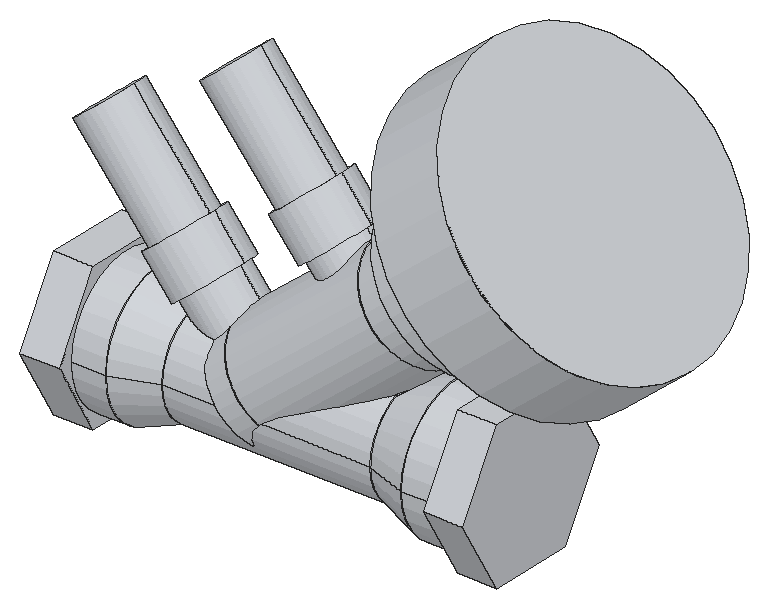
Revit family "D9505-DN20-RFA_2018", category Pipe Accessories, Revit 2018
Family settings
  Round Connector Dimension = Use Diameter
  Part Type = Valve - Breaks Into
  Work Plane-Based = No
  Always vertical = Yes
  Cut with Voids When Loaded = No
  Shared = No
Parameters (values of type "D9505 DN20")
  magiProductId = "82f2a7b1fa884f8cafe37fee21fa09"
  magiProductFamilyId = "283409d322044e8dba8a30d68fed8b"
  magiPartTypeId = 304
  isMeasuringValve [instance] = no
  ang2D [instance] = 0.00°
  W2D = 10 mm
  VersionID = "2.0/2017.10.31.1/VIR_9505_001"
  Use Minimum Symbol Size [instance] = yes
  URL = "http://www.hydronic.cz"
  Type Comments = "závitový; PN25 (-10~+100°C) nebo PN20 (-10~+130°C)"
  RN2 = 16.5 mm
  RN = 19.5 mm
  R7 = 9 mm
  R6 = 7.5 mm
  R5 = 20 mm
  R4 = 13.75 mm
  R3 = 13.75 mm
  R2 = 16.25 mm
  R1 = 12.5 mm
  QmdConnectorList = "301;D;302;D"
  Productdata [instance] = ""
  NUT1 = no
  Manufacturer = "Hydronic Systems Prague s.r.o."
  MC Product Code = "9505 020 (DN20; PN25 kvs4,1)"
  MC Piping Given Pressure Drop [instance] = 0.0 Pa
  L_2 = 51 mm
  L7 = 36 mm
  L6 = 2 mm
  L4 = 13.26 mm
  L3 = 10 mm
  L2__ve = -L2  # -8 mm
  L2D_Min = 3048 mm
  L2D = 77 mm
  L2 = 8 mm
  L1__ve = -L1  # -9 mm
  L1 = 9 mm
  HWR = 35 mm
  H8 = 27 mm
  H7 = 10.8 mm
  H6 = 20.75 mm
  H5 = 15.75 mm
  H4 = 20 mm
  H3 = 12.304 mm
  H2 = 40 mm
  H1 = 6 mm
  Description = "Ruční vyvažovací ventil závitový; bronzový; DN20; kvs4,1"
  D = 20 mm
  CenSd_RN_6 = RN * cos(30.00°)  # 16.887 mm
  CenSd_RN2_6 = RN2 * cos(30.00°)  # 14.289 mm
  CAT0 = yes
Types (7, lengths in mm): name | magiProductId | RN2 | RN | R4 | R3 | R2 | R1 | MC Product Code | L_2 | L4 | L2__ve | L2 | L1__ve | L1 | H8 | H7 | H6 | H5 | H3 | H2 | H1 | Description | D | CenSd_RN_6 | CenSd_RN2_6
  D9505 DN10 | "f06221e9bc9341508f66871c80ccb9" | 13.2 | 15.6 | 11 | 11 | 13 | 10 | "9505 010 (DN10; PN25 kvs0,97)" | 38.5 | 10.01 | -8 | 8 | -7 | 7 | 27.3 | 10.92 | 18 | 13 | 13.859 | 42 | 4 | "Ruční vyvažovací ventil závitový; bronzový; DN10; kvs0,97" | 10 | 13.51 | 11.432
  D9505 DN15 | "7168eb0cb4024df38c6d32127ca87d" | 14.85 | 17.55 | 12.375 | 12.375 | 14.625 | 11.25 | "9505 015 (DN15; PN25 kvs2,67)" | 45 | 11.7 | -8 | 8 | -8 | 8 | 27 | 10.8 | 19.375 | 14.375 | 12.304 | 41 | 5 | "Ruční vyvažovací ventil závitový; bronzový; DN15; kvs2,67" | 15 | 15.199 | 12.86
  D9505 DN20 | "82f2a7b1fa884f8cafe37fee21fa09" | 16.5 | 19.5 | 13.75 | 13.75 | 16.25 | 12.5 | "9505 020 (DN20; PN25 kvs4,1)" | 51 | 13.26 | -8 | 8 | -9 | 9 | 27 | 10.8 | 20.75 | 15.75 | 12.304 | 40 | 6 | "Ruční vyvažovací ventil závitový; bronzový; DN20; kvs4,1" | 20 | 16.887 | 14.289
  D9505 DN25 | "a5bafb2d780d49b5957b650150642c" | 18.15 | 21.45 | 15.125 | 15.125 | 17.875 | 13.75 | "9505 025 (DN25; PN25 kvs6,4)" | 55 | 14.3 | -9 | 9 | -10 | 10 | 27 | 10.8 | 22.125 | 17.125 | 12.304 | 39 | 7 | "Ruční vyvažovací ventil závitový; bronzový; DN25; kvs6,4" | 25 | 18.576 | 15.718
  D9505 DN32 | "a42dead6f7694bcf97a0a9ce0e311e" | 20.46 | 24.18 | 17 | 17.05 | 20.15 | 15.5 | "9505 032 (DN32; PN25 kvs12,0)" | 60.5 | 15.73 | -9.5 | 9.5 | -11.4 | 11.4 | 34.8 | 13.92 | 24.05 | 19.05 | 52.753 | 38 | 8 | "Ruční vyvažovací ventil závitový; bronzový; DN32; kvs12,0" | 32 | 20.94 | 17.719
  D9505 DN40 | "7d52969a8dcd46c581304e64bff261" | 23.1 | 27.3 | 17 | 19.25 | 22.75 | 17.5 | "9505 040 (DN40; PN25 kvs19,5)" | 71 | 18.46 | -10 | 10 | -13 | 13 | 34.8 | 13.92 | 26.25 | 21.25 | 52.753 | 36 | 10 | "Ruční vyvažovací ventil závitový; bronzový; DN40; kvs19,5" | 40 | 23.642 | 20.005
  D9505 DN50 | "2fc06cc644084f6992b3d357430981" | 26.4 | 31.2 | 17 | 22 | 26 | 20 | "9505 050 (DN50; PN25 kvs29,8)" | 80.5 | 20.93 | -11 | 11 | -15 | 15 | 34.8 | 13.92 | 29 | 24 | 52.753 | 34 | 12 | "Ruční vyvažovací ventil závitový; bronzový; DN50; kvs29,8" | 50 | 27.02 | 22.863
Reference planes
  plane 1 "Center (Front/Back)": y = 0
  plane 2 "XYPLANE": z = 0
  plane 3 "Center (Left/Right)": x = 0
  plane 4 "312": through (-487.504, 0, 578.39) normal (0.766, 0, 0.6428)
  plane 5 "176": through (-601.609, 0, -461.752) normal (-0.6428, 0, 0.766)
  plane 6 "173": through (-597.881, 0, -466.195) normal (-0.6428, 0, 0.766)
  plane 7 "163": x = -13.26
  plane 8 "158": x = 24
  plane 9 "157": x = 34
  plane 10 "154": x = -24
  plane 11 "83": through (-604.823, 0, -457.922) normal (-0.6428, 0, 0.766)
  plane 12 "76": through (-464.523, 0, 597.674) normal (0.766, 0, 0.6428)
  plane 13 "73": through (-594.667, 0, -470.026) normal (-0.6428, 0, 0.766)
  plane 14 "70": through (-584.543, 0, -482.091) normal (-0.6428, 0, 0.766)
  plane 15 "69": y = 0
  plane 16 "68": through (-490.569, 0, 575.819) normal (0.766, 0, 0.6428)
  plane 17 "60": through (-432.117, 0, 624.866) normal (0.766, 0, 0.6428)
  plane 18 "57": through (-447.437, 0, 612.01) normal (0.766, 0, 0.6428)
  plane 19 "54": through (-456.863, 0, 604.102) normal (0.766, 0, 0.6428)
  plane 20 "32": through (-492.101, 0, 574.533) normal (0.766, 0, 0.6428)
  plane 21 "31": y = 0
  plane 22 "30": through (564.523, 0, 482.091) normal (0.6428, 0, -0.766)
  plane 23 "21": x = -34
  plane 24 "20": x = 42
  plane 25 "19": x = -42
  plane 26 "13": x = 0
  plane 27 "11": x = 51
  plane 28 "10": x = -51
  plane 29 "9": y = 0
  plane 30 "8": z = 0
  plane 31 "65XY": through (-584.543, 0, -482.091) normal (-0.6428, 0, 0.766)
  plane 32 "65XZ": y = 0
  plane 33 "65YZ": through (-492.101, 0, 574.533) normal (0.766, 0, 0.6428)
  plane 34 "27XY": through (-492.101, 0, 574.533) normal (0.766, 0, 0.6428)
  plane 35 "27XZ": y = 0
  plane 36 "27YZ": through (564.523, 0, 482.091) normal (0.6428, 0, -0.766)
Forms (mm)
  Extrusion 1, solid, visible <- "CAT0"
    sketch origin (-492.101, 0, 574.533) x (0.642788, 0, -0.766044) y (0, 1, 0)
      loop
        circle (750, 0) r 13.75
    from 0 to 6 <- "H1"
  Extrusion 2, solid
    sketch origin (-601.609, 0, -461.752) x (0.766044, 0, 0.642788) y (0, 1, 0)
      loop
        circle (786, 0) r 7.5
    from 0 to 27 <- "H8"
  Extrusion 3, solid
    sketch origin (-594.667, 0, -470.026) x (0.766044, 0, 0.642788) y (0, 1, 0)
      loop
        circle (786, 0) r 9
    from 0 to 10.8 <- "H7"
  Extrusion 4, solid
    sketch origin (-456.863, 0, 604.102) x (0.642788, 0, -0.766044) y (0, 1, 0)
      loop
        circle (750, 0) r 13.75
    from 0 to 12.304 <- "H3"
  Extrusion 5, solid, visible <- "NUT1"
    sketch origin (-456.863, 0, 604.102) x (0.642788, 0, -0.766044) y (0, 1, 0)
      loop
        line (750, 16.5) -> (735.711, 8.25) -> (735.711, -8.25) -> (750, -16.5) -> (764.289, -8.25) -> (764.289, 8.25) -> (750, 16.5)
    from 0 to 9 <- "L1"
  Blend 6, solid, visible <- "CAT0"
    base sketch origin (-24, -750, 0) x (0, 1, 0) y (0, 0, 1)
      loop
        circle (750, 0) r 12.5
    top sketch origin (-24, -750, 0) x (0, 1, 0) y (0, 0, 1)
      loop
        circle (750, 0) r 12.5
    from 0 to 48
  Blend 7, solid
    base sketch origin (34, -750, 0) x (0, 1, 0) y (0, 0, 1)
      loop
        circle (750, 0) r 16.25
    top sketch origin (34, -750, 0) x (0, 1, 0) y (0, 0, 1)
      loop
        circle (750, 0) r 12.5
    from 0 to -10
  Blend 8, solid
    base sketch origin (-34, -750, 0) x (0, 1, 0) y (0, 0, 1)
      loop
        circle (750, 0) r 16.25
    top sketch origin (-34, -750, 0) x (0, 1, 0) y (0, 0, 1)
      loop
        circle (750, 0) r 12.5
    from 0 to 10
  Extrusion 9, solid
    sketch origin (-584.543, 0, -482.091) x (0.766044, 0, 0.642788) y (0, 1, 0)
      loop
        circle (752, 0) r 7.5
    from 0 to 20.75 <- "H6"
  Extrusion 10, solid
    sketch origin (-604.823, 0, -457.922) x (0.766044, 0, 0.642788) y (0, 1, 0)
      loop
        circle (752, 0) r 7.5
    from 0 to 27 <- "H8"
  Extrusion 11, solid
    sketch origin (-584.543, 0, -482.091) x (0.766044, 0, 0.642788) y (0, 1, 0)
      loop
        circle (786, 0) r 7.5
    from 0 to 15.75 <- "H5"
  Extrusion 12, solid
    sketch origin (-597.881, 0, -466.195) x (0.766044, 0, 0.642788) y (0, 1, 0)
      loop
        circle (752, 0) r 9
    from 0 to 10.8 <- "H7"
  Extrusion 13, solid, visible <- "CAT0"
    sketch origin (-432.117, 0, 624.866) x (0.642788, 0, -0.766044) y (0, 1, 0)
      loop
        circle (750, 0) r 35
    from 0 to 20 <- "H4"
  Extrusion 14, solid
    sketch origin (-447.437, 0, 612.01) x (0.642788, 0, -0.766044) y (0, 1, 0)
      loop
        circle (750, 0) r 20
    from 0 to 20 <- "H4"
  Extrusion 15, solid
    sketch origin (-487.504, 0, 578.39) x (0.642788, 0, -0.766044) y (0, 1, 0)
      loop
        circle (750, 0) r 13.75
    from 0 to 40 <- "H2"
  Extrusion 16, solid
    sketch origin (42, -750, 0) x (0, 1, 0) y (0, 0, 1)
      loop
        circle (750, 0) r 16.25
    from 0 to -8 <- "L2__ve"
  Extrusion 17, solid
    sketch origin (-42, -750, 0) x (0, 1, 0) y (0, 0, 1)
      loop
        circle (750, 0) r 16.25
    from 0 to 8 <- "L2"
  Extrusion 18, solid
    sketch origin (51, -750, 0) x (0, 1, 0) y (0, 0, 1)
      loop
        line (730.5, 0) -> (740.25, -16.887) -> (759.75, -16.887) -> (769.5, 0) -> (759.75, 16.887) -> (740.25, 16.887) -> (730.5, 0)
    from 0 to -9 <- "L1__ve"
  Extrusion 19, solid
    sketch origin (-51, -750, 0) x (0, 1, 0) y (0, 0, 1)
      loop
        line (769.5, 0) -> (759.75, 16.887) -> (740.25, 16.887) -> (730.5, 0) -> (740.25, -16.887) -> (759.75, -16.887) -> (769.5, 0)
    from 0 to 9 <- "L1"
  Extrusion 20, solid, not visible
    sketch origin (51, -750, 0) x (0, 1, 0) y (0, 0, 1)
      loop
        circle (750, 0) r 10
    from 0 to -10
  Extrusion 21, solid, not visible
    sketch origin (-51, -750, 0) x (0, 1, 0) y (0, 0, 1)
      loop
        circle (750, 0) r 10
    from 0 to 10
Lines and regions (mm)
  reference lines, not visible
    curve 1: circle (2, 2, 0) r 1 normal (0, 0, 1)
  reference lines
    curve 2: line (25.228, 0, 29.568) -> (28.902, -3.3, 25.19)
    curve 3: line (25.228, 0, 29.568) -> (25.228, -6.6, 29.568)
    curve 4: line (25.228, 0, 29.568) -> (21.554, -3.3, 33.947)
    curve 5: line (51, 0, 0) -> (51, 3.9, -6.755)
    curve 6: line (51, 0, 0) -> (51, 7.8, 0)
    curve 7: line (51, 0, 0) -> (51, 3.9, 6.755)
    curve 8: line (-51, 0, 0) -> (-51, -3.9, -6.755)
    curve 9: line (-51, 0, 0) -> (-51, -7.8, 0)
    curve 10: line (-51, 0, 0) -> (-51, -3.9, 6.755)
Dimensions and locks
  plane 1 "Center (Front/Back)" to curve 1 = 2 mm
  "H1": plane 20 "32" to plane 4 "312"
  "H7": plane 13 "73" to plane 5 "176"
  "H6": plane 14 "70" to plane 6 "173"
  "L4": plane 26 "13" to plane 7 "163"
  "L3": plane 9 "157" to plane 8 "158"
  "L2": plane 24 "20" to plane 9 "157"
  "L3": plane 23 "21" to plane 10 "154"
  "H7": plane 6 "173" to plane 11 "83"
  "L7": plane 33 "65YZ" to plane 12 "76"
  "H5": plane 14 "70" to plane 13 "73"
  locked: plane 31 "65XY" to plane 14 "70" at 0
  locked: plane 29 "9" to plane 15 "69"
  "L6": plane 33 "65YZ" to plane 16 "68"
  "H4": plane 18 "57" to plane 17 "60"
  "H3": plane 19 "54" to plane 18 "57"
  "H2": plane 4 "312" to plane 19 "54"
  locked: plane 34 "27XY" to plane 20 "32" at 0
  locked: plane 29 "9" to plane 21 "31"
  locked: plane 36 "27YZ" to plane 22 "30"
  "L2": plane 25 "19" to plane 23 "21"
  "L1": plane 27 "11" to plane 24 "20"
  "L1": plane 28 "10" to plane 25 "19"
  locked: plane 3 "Center (Left/Right)" to plane 26 "13"
  "L_2": plane 3 "Center (Left/Right)" to plane 27 "11"
  "L_2": plane 3 "Center (Left/Right)" to plane 28 "10"
  locked: plane 1 "Center (Front/Back)" to plane 29 "9"
  locked: plane 2 "XYPLANE" to plane 30 "8"
  "CenSd_RN2_6": curve 2 to Extrusion 5 sketch curve  (x2)
  "CenSd_RN2_6": curve 3 to Extrusion 5 sketch curve  (x2)
  "CenSd_RN2_6": curve 4 to Extrusion 5 sketch curve  (x2)
  Extrusion 5 sketch curve to Extrusion 5 sketch curve = 0 mm  (x12)
  "CenSd_RN_6": curve 5 to Extrusion 18 sketch curve  (x2)
  "CenSd_RN_6": curve 6 to Extrusion 18 sketch curve  (x2)
  "CenSd_RN_6": curve 7 to Extrusion 18 sketch curve  (x2)
  Extrusion 18 sketch curve to Extrusion 18 sketch curve = 0 mm  (x12)
  "CenSd_RN_6": curve 8 to Extrusion 19 sketch curve  (x2)
  "CenSd_RN_6": curve 9 to Extrusion 19 sketch curve  (x2)
  "CenSd_RN_6": curve 10 to Extrusion 19 sketch curve  (x2)
  Extrusion 19 sketch curve to Extrusion 19 sketch curve = 0 mm  (x12)
  "R3": radius of Extrusion 1 sketch curve
  "R6": radius of Extrusion 2 sketch curve
  "R7": radius of Extrusion 3 sketch curve
  "R4": radius of Extrusion 4 sketch curve
  "R1": radius of Blend 6 sketch curve  (x2)
  "R1": radius of Blend 7 sketch curve
  "R2": radius of Blend 7 sketch curve
  "R1": radius of Blend 8 sketch curve
  "R2": radius of Blend 8 sketch curve
  "R6": radius of Extrusion 9 sketch curve
  "R6": radius of Extrusion 10 sketch curve
  "R6": radius of Extrusion 11 sketch curve
  "R7": radius of Extrusion 12 sketch curve
  "HWR": radius of Extrusion 13 sketch curve
  "R5": radius of Extrusion 14 sketch curve
  "R3": radius of Extrusion 15 sketch curve
  "R2": radius of Extrusion 16 sketch curve
  "R2": radius of Extrusion 17 sketch curve
  locked: curve 3 to curve 2 (angle 60.00°)
  locked: curve 4 to curve 3 (angle 60.00°)
  locked: curve 4 to curve 2 (angle 120.00°)
  locked: curve 6 to curve 5 (angle 60.00°)
  locked: curve 7 to curve 6 (angle 60.00°)
  locked: curve 7 to curve 5 (angle 120.00°)
  locked: curve 9 to curve 8 (angle 60.00°)
  locked: curve 10 to curve 9 (angle 60.00°)
  locked: curve 10 to curve 8 (angle 120.00°)
  aligned and locked: level to plane 2 "XYPLANE"
  aligned and locked: plane 21 "31" to Extrusion 1 sketch curve
  aligned and locked: Extrusion 1 sketch curve to plane 22 "30"
  aligned and locked: Extrusion 2 sketch curve to plane 12 "76"
  aligned and locked: plane 15 "69" to Extrusion 2 sketch curve
  aligned and locked: Extrusion 3 sketch curve to plane 12 "76"
  aligned and locked: plane 15 "69" to Extrusion 3 sketch curve
  aligned and locked: plane 21 "31" to Extrusion 4 sketch curve
  aligned and locked: Extrusion 4 sketch curve to plane 22 "30"
  aligned and locked: curve 2 to plane 22 "30"
  aligned and locked: plane 21 "31" to curve 3
  aligned and locked: Blend 6 sketch curve to plane 29 "9"  (x2)
  aligned and locked: plane 30 "8" to Blend 6 sketch curve  (x2)
  aligned and locked: plane 8 "158" to Blend 6
  aligned and locked: Blend 7 sketch curve to plane 29 "9"  (x2)
  aligned and locked: plane 30 "8" to Blend 7 sketch curve  (x2)
  aligned and locked: Blend 7 to plane 8 "158"
  aligned and locked: Blend 8 sketch curve to plane 29 "9"  (x2)
  aligned and locked: plane 30 "8" to Blend 8 sketch curve  (x2)
  aligned and locked: plane 10 "154" to Blend 8
  aligned and locked: plane 15 "69" to Extrusion 9 sketch curve
  aligned and locked: Extrusion 9 sketch curve to plane 16 "68"
  aligned and locked: plane 15 "69" to Extrusion 10 sketch curve
  aligned and locked: Extrusion 10 sketch curve to plane 16 "68"
  aligned and locked: Extrusion 11 sketch curve to plane 12 "76"
  aligned and locked: plane 15 "69" to Extrusion 11 sketch curve
  aligned and locked: plane 15 "69" to Extrusion 12 sketch curve
  aligned and locked: Extrusion 12 sketch curve to plane 16 "68"
  aligned and locked: plane 21 "31" to Extrusion 13 sketch curve
  aligned and locked: Extrusion 13 sketch curve to plane 22 "30"
  aligned and locked: plane 21 "31" to Extrusion 14 sketch curve
  aligned and locked: Extrusion 14 sketch curve to plane 22 "30"
  aligned and locked: plane 21 "31" to Extrusion 15 sketch curve
  aligned and locked: Extrusion 15 sketch curve to plane 22 "30"
  aligned and locked: Extrusion 16 sketch curve to plane 29 "9"
  aligned and locked: plane 30 "8" to Extrusion 16 sketch curve
  aligned and locked: Extrusion 17 sketch curve to plane 29 "9"
  aligned and locked: plane 30 "8" to Extrusion 17 sketch curve
  aligned and locked: curve 7 to plane 29 "9"
  aligned and locked: plane 30 "8" to curve 7
  aligned and locked: curve 10 to plane 29 "9"
  aligned and locked: plane 30 "8" to curve 10
  aligned and locked: Extrusion 20 sketch curve to plane 29 "9"
  aligned and locked: plane 30 "8" to Extrusion 20 sketch curve
  aligned and locked: Extrusion 21 sketch curve to plane 29 "9"
  aligned and locked: plane 30 "8" to Extrusion 21 sketch curve
Automatic sketch dimensions
  plane 1 "Center (Front/Back)" to Extrusion 20 sketch curve = 10 mm
  plane 1 "Center (Front/Back)" to Extrusion 21 sketch curve = 10 mm
  plane 3 "Center (Left/Right)" to curve 1 = 2 mm
  radius of curve 1 = 1 mm
Connectors
  piping at (-51, 0, 0), diameter 20, driven by "D"
    settings: on Extrusion 21, index 1, connector inside diameter 609.6 mm, connector length 0 mm, flow factor 0, pipe flow 0.0 L/s, pressure drop 0.0 Pa, fitting loss kfactor 0, connector angle 0.00°, fixture units 0, engagement length 0 mm, angle of deflection 0.00°, flow configuration 0, flow direction 0, fitting loss method 0, system type 29, joint type 0, gender type 0, connector reference index 2, connector utility 0, adjustable connector no, is connector primary yes, connector description ""
  piping at (51, 0, 0), diameter 20, driven by "D"
    settings: on Extrusion 20, index 2, connector inside diameter 609.6 mm, connector length 0 mm, flow factor 0, pipe flow 0.0 L/s, pressure drop 0.0 Pa, fitting loss kfactor 0, connector angle 0.00°, fixture units 0, engagement length 0 mm, angle of deflection 0.00°, flow configuration 0, flow direction 0, fitting loss method 0, system type 29, joint type 0, gender type 0, connector reference index 1, connector utility 0, adjustable connector no, is connector primary no, connector description ""
